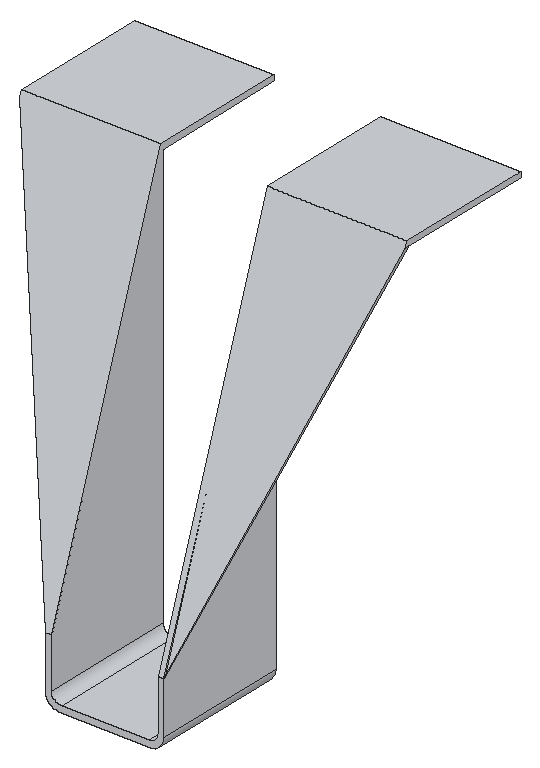
Revit family "Joist Hanger_BH", category Structural Connections, Revit 2024
Family settings
  Material for Model Behavior = Other
  Work Plane-Based = No
  Enable Cutting in Views = Yes
  Always vertical = No
  Cut with Voids When Loaded = No
  Shared = No
Parameters (values of type "B")
  W = 0' - 2 1/8"
  URL = "https://www.marinoware.com/product-category/framerite-connectors/joist-framing/"
  Thickness = 0' - 0.1017"
  Product Submittal Link = "https://www.marinoware.com/submittal/"
  Product Info = "BH Joist Hangers"
  Manufacturer = "Marino\\WARE®"
  Length = 0' - 8"
  Y Axis Rotation [instance] = 0.00°
  Leg2 = 0' - 1 1/2"
  X Axis Rotation [instance] = 0.00°
  Leg1 = 0' - 1 1/2"
  Flipped [instance] = no
  Z Axis Rotation [instance] = 0.00°
  B = 0' - 2 1/2"
Types (3): name | URL | Thickness | Product Submittal Link | Product Info | Manufacturer | Leg2 | Leg1
  150x150x300-54 | 0' - 0" | 0' - 0.1017" | "" | "" | 0' - 0" | 0' - 1 1/2" | 0' - 1 1/2"
  400x200x800-54 | 0' - 0" | 0' - 0 7/128" | "" | "" | 0' - 0" | 0' - 2" | 0' - 4"
  B | "https://www.marinoware.com/product-category/framerite-connectors/joist-framing/" | 0' - 0.1017" | "https://www.marinoware.com/submittal/" | "BH Joist Hangers" | "Marino\\WARE®" | 0' - 1 1/2" | 0' - 1 1/2"
Reference planes (in)
  plane 1 "Center (Front/Back)": y = 0
  plane 2: z = 0
  plane 3 "Center (Left/Right)": x = 0
  plane 4: z = 8
  plane 5: z = 7.8983
  plane 6: x = -0.9608
  plane 7: x = -1.0625
  plane 8: x = 0.9608
  plane 9: x = 1.0625
  plane 10: y = 2.5
  plane 11: y = -2.5
  plane 12: x = -3.46078
  plane 13: x = 3.46078
Forms (in)
  Extrusion 1, solid
    sketch origin (0, -1.25, 0) x (1, 0, 0) y (0, 0, -1)
      loop
        arc (1.0625, -0.23999) -> (0.99221, -0.07029) -> (0.82251, 0) r 0.23999
        line (0.82251, 0) -> (-0.82249, 0)
        arc (-0.82249, 0) -> (-0.9922, -0.0703) -> (-1.0625, -0.24001) r 0.24001
        line (-1.0625, -0.24001) -> (-1.0625, -8) -> (-0.9608, -8) -> (-0.9608, -0.28225)
        arc (-0.9608, -0.28225) -> (-0.90792, -0.15458) -> (-0.78025, -0.1017) r 0.18055
        line (-0.78025, -0.1017) -> (0.78027, -0.1017)
        arc (0.78027, -0.1017) -> (0.90792, -0.15458) -> (0.9608, -0.28223) r 0.18053
        line (0.9608, -0.28223) -> (0.9608, -8) -> (1.0625, -8) -> (1.0625, -0.23999)
    from -1.25 to 1.25
  Extrusion 2, solid
    sketch origin (0, -1.25, 0) x (0, -1, 0) y (0, 0, -1)
      loop
        line (1.25, -1.18784) -> (-1.25, -7.8983) -> (-3.75, -7.8983) -> (-3.75, -8) -> (-1.20916, -8) -> (1.25, -1.18784)
    from -3.46078 to -0.9608
  Extrusion 3, void
    sketch origin (0, 0, 0) x (1, 0, 0) y (0, 0, 1)
      loop
        line (-3.46078, 7.8983) -> (-3.46078, 1.18784) -> (-1.06252, 1.18784) -> (-3.46078, 7.8983)
    from 0 to 2.5
  Extrusion 4, void
    sketch origin (0, 0, 0) x (0, 1, 0) y (0, 0, 1)
      loop
        line (-0.04084, 8) -> (-2.5, 8) -> (-2.5, 1.18784) -> (-0.04084, 8)
    from -1.0625 to 1.0625
  Extrusion 5, solid
    sketch origin (0, -1.25, 0) x (0, -1, 0) y (0, 0, 1)
      loop
        line (1.25, 1.18784) -> (-1.20916, 8) -> (-3.75, 8) -> (-3.75, 7.8983) -> (-1.25, 7.8983) -> (1.25, 1.18784)
    from -3.46078 to -0.9608
  Extrusion 6, void
    sketch origin (0, 0, 0) x (-1, 0, 0) y (0, 0, -1)
      loop
        line (-3.46078, -7.8983) -> (-1.06252, -1.18784) -> (-3.46078, -1.18784) -> (-3.46078, -7.8983)
    from 0 to 2.5
Cuts and joins
  Extrusion 4 cuts Extrusion 1
  Extrusion 3, Extrusion 6 cuts Extrusion 2
  Extrusion 6 cuts Extrusion 5
  joined: Extrusion 1, Extrusion 2, Extrusion 5
Lines and regions (in)
  symbolic lines
    curve 1: line (0, 0, 0) -> (0, -2.5, 0)
Dimensions and locks (in)
  "Thickness": plane 4 to plane 5
  "Length": plane 4 to level
  "Thickness": plane 6 to plane 7
  "Thickness": plane 9 to plane 8
  "W": plane 9 to plane 7
  plane 10 to plane 1 "Center (Front/Back)" = 0' - 2 1/2"
  "B": plane 11 to plane 1 "Center (Front/Back)"
  plane 12 to plane 6 = 0' - 2 1/2"
  plane 8 to plane 13 = 0' - 2 1/2"
  aligned and locked: plane 2 to level
  aligned and locked: Extrusion 5 to Extrusion 1
  aligned and locked: Extrusion 1 to Extrusion 2  (x4)
  aligned and locked: Extrusion 1 to Extrusion 4  (x3)
  aligned and locked: Extrusion 5 to Extrusion 2  (x2)
  aligned and locked: Extrusion 4 to Extrusion 2
  aligned and locked: Extrusion 5 to plane 5
  aligned and locked: Extrusion 2 to Extrusion 5
  aligned and locked: Extrusion 1 to Extrusion 5
  aligned and locked: plane 9 to Extrusion 1
  aligned and locked: Extrusion 1 to plane 8
  aligned and locked: plane 6 to Extrusion 1
  aligned and locked: Extrusion 1 to plane 7
  aligned and locked: Extrusion 1 to plane 1 "Center (Front/Back)"
  aligned and locked: plane 10 to Extrusion 2
  aligned and locked: plane 10 to Extrusion 5
  aligned and locked: Extrusion 2 to Extrusion 3
  aligned and locked: Extrusion 5 to Extrusion 6
Automatic sketch dimensions
  curve 1 to level = 0' - 0"
  curve 1 to plane 1 "Center (Front/Back)" = 0' - 0"
  plane 1 "Center (Front/Back)" to curve 1 = 0' - 2 1/2"
  Extrusion 1 sketch curve to plane 4 = 0' - 0"  (x2)
  Extrusion 1 sketch curve to level = 0' - 0"
  level to Extrusion 1 sketch curve = 0' - 0.24001"
  Extrusion 1 sketch curve to plane 3 "Center (Left/Right)" = 0' - 1 1/16"
  Extrusion 1 sketch curve to Extrusion 1 sketch curve = 0' - 0.1017"  (x2)
  Extrusion 1 sketch curve to Extrusion 1 sketch curve = 0' - 0.04224"  (x2)
  level to Extrusion 1 sketch curve = 0' - 0.1017"
  plane 3 "Center (Left/Right)" to Extrusion 1 sketch curve = 0' - 0.78027"
  Extrusion 1 sketch curve to Extrusion 1 sketch curve = 0' - 0.13829"
  Extrusion 1 sketch curve to Extrusion 1 sketch curve = 0' - 0"
  Extrusion 2 sketch curve to plane 4 = 0' - 0"
  Extrusion 2 sketch curve to plane 5 = 0' - 0"
  plane 1 "Center (Front/Back)" to Extrusion 2 sketch curve = 0' - 2 1/2"
  plane 1 "Center (Front/Back)" to Extrusion 2 sketch curve = 0' - 0"
  Extrusion 2 sketch curve to plane 1 "Center (Front/Back)" = 0' - 0.04084"
  Extrusion 2 sketch curve to level = 0' - 1.18784"
  Extrusion 2 sketch curve to plane 1 "Center (Front/Back)" = 0' - 2 1/2"
  Extrusion 3 sketch curve to plane 5 = 0' - 0"
  Extrusion 3 sketch curve to plane 3 "Center (Left/Right)" = 0' - 3.46078"
  Extrusion 3 sketch curve to plane 3 "Center (Left/Right)" = 0' - 1 1/16"
  level to Extrusion 3 sketch curve = 0' - 1.18784"
  Extrusion 4 sketch curve to plane 4 = 0' - 0"
  plane 1 "Center (Front/Back)" to Extrusion 4 sketch curve = 0' - 2 1/2"
  plane 1 "Center (Front/Back)" to Extrusion 4 sketch curve = 0' - 0.04084"
  level to Extrusion 4 sketch curve = 0' - 1.18784"
  Extrusion 5 sketch curve to plane 4 = 0' - 0"
  Extrusion 5 sketch curve to plane 5 = 0' - 0"
  Extrusion 5 sketch curve to plane 1 "Center (Front/Back)" = 0' - 0"
  Extrusion 5 sketch curve to Extrusion 5 sketch curve = 0' - 2 1/2"
  plane 1 "Center (Front/Back)" to Extrusion 5 sketch curve = 0' - 0.04084"
  level to Extrusion 5 sketch curve = 0' - 1.18784"
  plane 1 "Center (Front/Back)" to Extrusion 5 sketch curve = 0' - 2 1/2"
  Extrusion 6 sketch curve to plane 5 = 0' - 0"
  Extrusion 6 sketch curve to plane 3 "Center (Left/Right)" = 0' - 3.46078"
  Extrusion 6 sketch curve to plane 3 "Center (Left/Right)" = 0' - 1 1/16"
  Extrusion 6 sketch curve to level = 0' - 1.18784"
Types in the file's own list only (2): name | Thickness | Length
  BRC3 | 0' - 0 1/16" | 0' - 4"
  BRC6 | 0' - 0 1/16" | 0' - 8"
